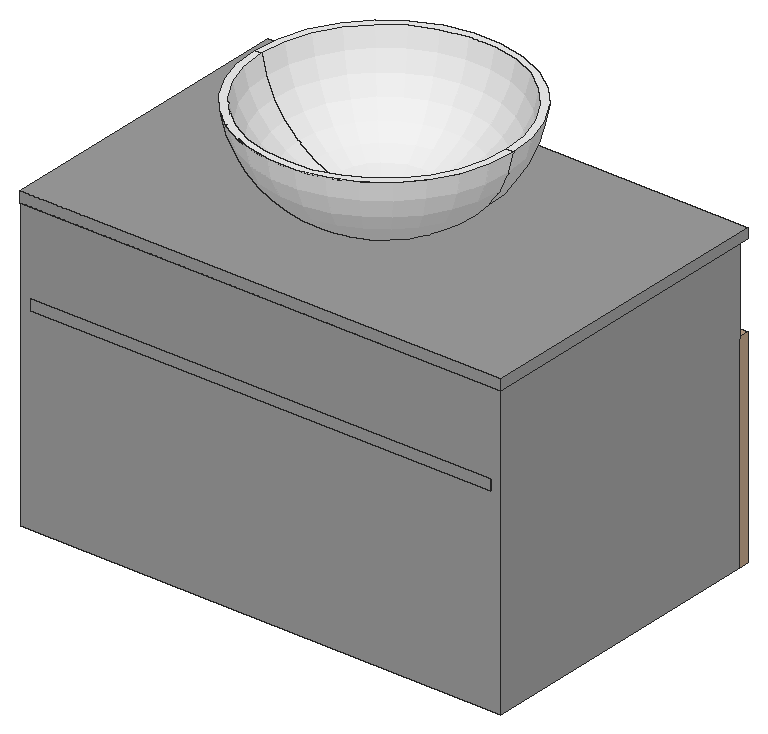
Revit family "LM0326351_Mueble Plus Vessel 70 cm CoronaStone Izquierdo", category Plumbing Fixtures, host Wall, Revit 2019
Family settings
  Host = Wall
  Round Connector Dimension = Use Diameter
  Part Type = Normal
  OmniClass Number = 23.45.05.14.14
  OmniClass Title = Sinks/Lavatories
  Always vertical = Yes
  Cut with Voids When Loaded = No
  Shared = No
  Room Calculation Point = No
Parameters (values of type "Type 1")
  URL = "https://corona.co/productos/muebles-para-banos/mueble-plus-vessel-70-cm-coronastone-izquierdo/p/LM0326351"
  Resistencia a la humedad = "8%"  # constant formula
  Referencia = "LM0326351"  # constant formula
  Profundidad = 448 mm
  Peso Neto aprox = "13,4 lb (12,6 kg)"  # constant formula
  Peso Bruto aprox = "24 lb (10,9 kg)"  # constant formula
  Material = Corona_Madera_Aglomerada_Gales
  Garantía = "5 años"  # constant formula
  Fecha de creación = "29/07/2020"  # constant formula
  Fabricante = "Corona"  # constant formula
  Dimensiones generales producto (H * W * D) = "17,13” x 27,56” x 17,72” (435,0 x 700 x 450 mm)"  # constant formula
  Densidad = "15mm 670 kg./m^3."  # constant formula
  Creado por = "IDD"  # constant formula
  Ancho = 696 mm
  Alto = 435 mm
Reference planes
  plane 1: y = 0
  plane 2 "Center (Left/Right)": x = 125
  plane 3 "Back": y = 75
  plane 4: x = -223
  plane 5: x = 473
  plane 6: y = 523
  plane 7: y = 508
  plane 8: x = -208
  plane 9: x = 458
  plane 10: y = 493
  plane 11: z = 724
  plane 12: z = 709
  plane 13: z = 289
  plane 14: z = 304
  plane 15: z = 589
  plane 16: y = 299
  plane 17: z = 450
  plane 18: z = 550
  plane 19: x = -22.073
  plane 20: x = 284.988
Forms (mm)
  Extrusion 1, solid, material "Corona_Madera_Aglomerada_Plomo", detail levels medium+fine
    sketch origin (0, 0, 0) x (1, 0, 0) y (0, 1, 0)
      loop
        line (-208, 508) -> (-208, 90) -> (458, 90) -> (458, 508) -> (-208, 508)
    from 289 to 304
  Extrusion 2, solid, material "Corona_Madera_Aglomerada_Plomo", detail levels medium+fine
    sketch origin (0, 0, 420) x (1, 0, 0) y (0, 1, 0)
      loop
        line (-223, 523) -> (-223, 75) -> (473, 75) -> (473, 523) -> (-223, 523)
    from 289 to 304
  Extrusion 3, solid, material "Corona_Madera_Aglomerada_Plomo", detail levels medium+fine
    sketch origin (0, 0, 0) x (1, 0, 0) y (0, 1, 0)
      loop
        line (-223, 508) -> (-223, 75) -> (473, 75) -> (473, 508) -> (458, 508) -> (458, 90) -> (-208, 90) -> (-208, 508) -> (-223, 508)
    from 289 to 709
  Extrusion 4, solid, material "Corona_Madera_Aglomerada_Plomo", detail levels medium+fine
    sketch origin (0, 0, 285) x (1, 0, 0) y (0, 1, 0)
      loop
        line (-208, 508) -> (-208, 75) -> (458, 75) -> (458, 508) -> (-208, 508)
    from 289 to 304
  Revolve 5, solid, material "Corona_Cerámica_Sinterizada", detail levels medium+fine
    sketch origin (1243.547, 299, 4000) x (1, 0, 0) y (0, 0, 1)
      loop
        arc (-1068.547, -3276) -> (-976.668, -3228.716) -> (-931.047, -3136) r 164.68
        line (-931.047, -3136) -> (-941.149, -3136)
        arc (-941.149, -3136) -> (-984.02, -3221.93) -> (-1069.342, -3266) r 154.68
        line (-1069.342, -3266) -> (-1118.547, -3266) -> (-1118.547, -3276) -> (-1068.547, -3276)
      axis (-1118.547, -3276) -> (-1118.547, -3136)
    angle from 0 to 360
  Extrusion 6, void
    sketch origin (0, 0, 0) x (1, 0, 0) y (0, 1, 0)
      loop
        circle (125, 299) r 15
    from 676.143 to 793.686
  Extrusion 7, solid, material "Cubo", detail levels coarse
    sketch origin (0, 0, 0) x (1, 0, 0) y (0, 1, 0)
      loop
        line (-223, 523) -> (-223, 75) -> (473, 75) -> (473, 523) -> (-223, 523)
    from 289 to 864
  Extrusion 8, solid, material "Corona_Madera_Aglomerada_Gales", detail levels medium+fine
    sketch origin (1243.547, 299, 4000) x (1, 0, 0) y (0, 0, 1)
      loop
        line (-770.547, -3411) -> (-1020.655, -3411) -> (-1160.547, -3711) -> (-770.547, -3711) -> (-770.547, -3411)
    from -224 to -209
  Extrusion 9, solid, material "Corona_Madera_Aglomerada_Gales", detail levels medium+fine
    sketch origin (1243.547, 299, 4000) x (1, 0, 0) y (0, 0, 1)
      loop
        line (-1023.655, -3411) -> (-1466.547, -3411) -> (-1466.547, -3711) -> (-1163.547, -3711) -> (-1023.655, -3411)
    from -224 to -209
Cuts and joins
  Extrusion 6 cuts Revolve 5
  Extrusion 6 cuts Extrusion 2
Text (mm)
  text "Placement side" at (-1787.139, 592.35, 0), in view "Ref. Level"
  text "Placement side" at (0, 1827.695, 2917.686), in view "Left"
  text "Placement side" at (0, 562.268, 3853.606), in view "Right"
Dimensions and locks
  locked: plane 3 "Back" to host wall at 0
  equal spacing: plane 4, plane 2 "Center (Left/Right)", plane 5
  "Ancho": plane 4 to plane 5
  "Profundidad": plane 3 "Back" to plane 6
  level to plane 11 = 724 mm
  equal spacing: plane 3 "Back", plane 16, plane 6
  "Alto": plane 13 to plane 11
  level to plane 17 = 450 mm
  level to plane 18 = 550 mm
  plane 5 to plane 4 = 696 mm
  plane 13 to plane 15 = 300 mm
  plane 5 to Extrusion 9 = 393 mm
  Extrusion 9 to plane 4 = 303 mm
  aligned and locked: host wall to plane 1
Automatic sketch dimensions
  host wall to Extrusion 1 sketch curve = 15 mm
  plane 4 to Extrusion 1 sketch curve = 15 mm
  Extrusion 1 sketch curve to plane 5 = 15 mm
  plane 7 to Extrusion 1 sketch curve = 0 mm
  Extrusion 2 sketch curve to host wall = 0 mm
  Extrusion 2 sketch curve to plane 4 = 0 mm
  Extrusion 2 sketch curve to plane 5 = 0 mm
  plane 6 to Extrusion 2 sketch curve = 0 mm
  Extrusion 3 sketch curve to host wall = 0 mm
  Extrusion 3 sketch curve to plane 4 = 0 mm
  Extrusion 3 sketch curve to plane 8 = 0 mm
  Extrusion 3 sketch curve to plane 9 = 0 mm
  Extrusion 3 sketch curve to plane 5 = 0 mm
  plane 7 to Extrusion 3 sketch curve = 0 mm  (x2)
  host wall to Extrusion 3 sketch curve = 15 mm
  Extrusion 4 sketch curve to host wall = 0 mm
  plane 4 to Extrusion 4 sketch curve = 15 mm
  Extrusion 4 sketch curve to plane 5 = 15 mm
  plane 7 to Extrusion 4 sketch curve = 0 mm
  Revolve 5 sketch curve to Revolve 5 sketch curve = 0 mm  (x2)
  Revolve 5 sketch curve to plane 2 "Center (Left/Right)" = 0 mm  (x2)
  Revolve 5 sketch curve to plane 11 = 0 mm
  plane 2 "Center (Left/Right)" to Revolve 5 sketch curve = 24.388 mm
  plane 11 to Revolve 5 sketch curve = 10 mm
  Revolve 5 sketch curve to Revolve 5 sketch curve = 49.205 mm
  Revolve 5 sketch curve to Revolve 5 sketch curve = 0.795 mm
  Revolve 5 sketch curve to Revolve 5 sketch curve = 153.009 mm
  Revolve 5 sketch curve to Revolve 5 sketch curve = 10.102 mm
  Revolve 5 sketch curve to plane 12 = 48.612 mm
  Revolve 5 sketch curve to Revolve 5 sketch curve = 113.711 mm
  Extrusion 6 sketch curve to plane 2 "Center (Left/Right)" = 0 mm
  plane 16 to Extrusion 6 sketch curve = 0 mm
  Extrusion 7 sketch curve to host wall = 0 mm
  Extrusion 7 sketch curve to plane 4 = 0 mm
  Extrusion 7 sketch curve to plane 5 = 0 mm
  plane 6 to Extrusion 7 sketch curve = 0 mm
  Extrusion 8 sketch curve to plane 13 = 0 mm
  Extrusion 8 sketch curve to plane 15 = 0 mm
  Extrusion 8 sketch curve to plane 5 = 0 mm
  Extrusion 8 sketch curve to plane 2 "Center (Left/Right)" = 42 mm
  plane 2 "Center (Left/Right)" to Extrusion 8 sketch curve = 97.892 mm
  Extrusion 9 sketch curve to plane 4 = 0 mm
  Extrusion 9 sketch curve to plane 13 = 0 mm
  Extrusion 9 sketch curve to plane 15 = 0 mm
  Extrusion 9 sketch curve to plane 2 "Center (Left/Right)" = 45 mm
  plane 2 "Center (Left/Right)" to Extrusion 9 sketch curve = 94.892 mm
  radius of Extrusion 6 sketch curve = 15 mm
Nested families
  nested 1: "Family1" at (473, 299, 289) x (1, 0, 0) z (0, -1, 0), type "Family1", detail levels coarse
  nested 2: "Family2" at (125, 75, 289) x (0, -1, 0) z (1, 0, 0), type "Family2", detail levels coarse
  nested 3: "Family3" at (473, 75, 0), type "Family3", detail levels coarse
Connectors
  piping at (-22.073, 75, 550), diameter 15
    settings: on host wall, index 3, connector inside diameter 609.6 mm, connector length 0 mm, flow factor 0, pipe flow 0.0 L/s, pressure drop 0.0 Pa, fitting loss kfactor 0, connector angle 0.00°, fixture units 0, engagement length 0 mm, angle of deflection 0.00°, flow configuration 0, flow direction 0, fitting loss method 0, system type 20, joint type 0, gender type 0, connector reference index -1, connector utility 0, adjustable connector no, is connector primary yes, connector description ""
  piping at (284.988, 75, 550), diameter 15
    settings: on host wall, index 4, connector inside diameter 609.6 mm, connector length 0 mm, flow factor 0, pipe flow 0.0 L/s, pressure drop 0.0 Pa, fitting loss kfactor 0, connector angle 0.00°, fixture units 0, engagement length 0 mm, angle of deflection 0.00°, flow configuration 0, flow direction 0, fitting loss method 0, system type 19, joint type 0, gender type 0, connector reference index -1, connector utility 0, adjustable connector no, is connector primary no, connector description ""
  piping at (125, 75, 450), diameter 50
    settings: on host wall, index 5, connector inside diameter 609.6 mm, connector length 0 mm, flow factor 0, pipe flow 0.0 L/s, pressure drop 0.0 Pa, fitting loss kfactor 0, connector angle 0.00°, fixture units 0, engagement length 0 mm, angle of deflection 0.00°, flow configuration 0, flow direction 0, fitting loss method 0, system type 16, joint type 0, gender type 0, connector reference index -1, connector utility 0, adjustable connector no, is connector primary no, connector description ""
Definition of nested family "Family1"
  Reference planes
    plane 1 "Center (Front/Back)": y = 0
    plane 2: z = 0
    plane 3 "Center (Left/Right)": x = 0
  Lines and regions (mm)
    detail lines, in view "Ref. Level"
      curve 1: line (-696, 0, 0) -> (0, 0, 0)
      curve 2: line (0, 0, 0) -> (0, 435, 0)
      curve 3: line (-696, 0, 0) -> (-696, 435, 0)
      curve 4: line (-696, 435, 0) -> (0, 435, 0)
      curve 5: line (-696, 420, 0) -> (0, 420, 0)
      curve 6: line (-681, 300, 0) -> (-681, 420, 0)
      curve 7: line (-15, 300, 0) -> (-15, 420, 0)
      curve 8: line (-696, 300, 0) -> (0, 300, 0)
      curve 9: line (-303, 0, 0) -> (-442.892, 300, 0)
      curve 10: line (-535.5, 575, 0) -> (-160.5, 575, 0)
      curve 11: arc (-398, 435, 0) -> (-486.132, 485.964, 0) -> (-535.5, 575, 0) r 190.759
      curve 12: arc (-298, 435, 0) -> (-209.868, 485.964, 0) -> (-160.5, 575, 0) r 190.759
Definition of nested family "Family2"
  Reference planes
    plane 1 "Center (Front/Back)": y = 0
    plane 2: z = 0
    plane 3 "Center (Left/Right)": x = 0
  Lines and regions (mm)
    detail lines, in view "Ref. Level"
      curve 1: line (-448, 0, 0) -> (0, 0, 0)
      curve 2: line (-433, 435, 0) -> (0, 435, 0)
      curve 3: line (-433, 420, 0) -> (0, 420, 0)
      curve 4: line (-448, 300, 0) -> (-433, 300, 0)
      curve 5: line (-411.5, 575, 0) -> (-36.5, 575, 0)
      curve 6: arc (-274, 435, 0) -> (-362.132, 485.964, 0) -> (-411.5, 575, 0) r 190.759
      curve 7: arc (-174, 435, 0) -> (-85.868, 485.964, 0) -> (-36.5, 575, 0) r 190.759
      curve 8: line (-448, 300, 0) -> (-448, 0, 0)
      curve 9: line (0, 435, 0) -> (0, 0, 0)
      curve 10: line (-433, 435, 0) -> (-433, 420, 0)
      curve 11: line (-433, 420, 0) -> (-433, 0, 0)
Definition of nested family "Family3"
  Reference planes
    plane 1 "Center (Front/Back)": y = 0
    plane 2: z = 0
    plane 3 "Center (Left/Right)": x = 0
  Lines and regions (mm)
    detail lines, in view "Ref. Level"
      curve 1: line (-696, 448, 0) -> (0, 448, 0)
      curve 2: line (0, 448, 0) -> (0, 0, 0)
      curve 3: line (0, 0, 0) -> (-696, 0, 0)
      curve 4: line (-696, 0, 0) -> (-696, 448, 0)
      curve 5: circle (-348, 224, 0) r 187.5 normal (0, 0, 1)
      curve 6: circle (-348, 224, 0) r 25 normal (0, 0, 1)
      curve 7: circle (-348, 224, 0) r 50 normal (0, 0, 1)
